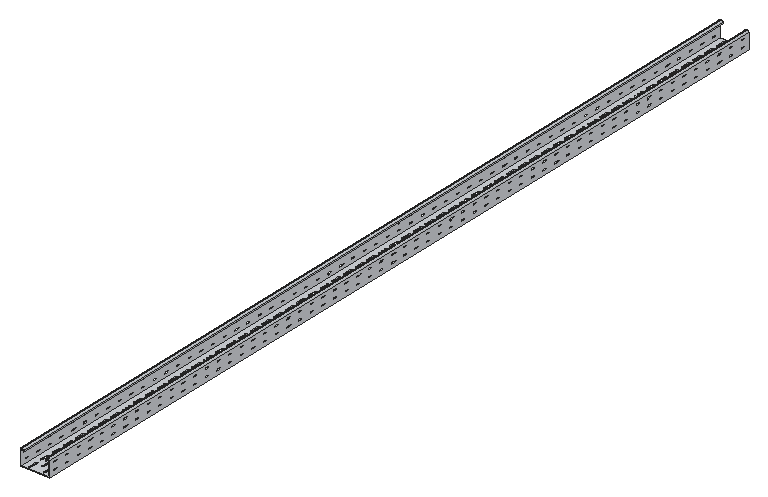
Revit family "Kabelrinne_610_FT_FS_A2_A4_FTSO", category Generic Models, Revit 2017 (continued)
Automatic sketch dimensions
  Extrusion 157 sketch curve to Extrusion 157 sketch curve = 13 mm
  Extrusion 158 sketch curve to Extrusion 158 sketch curve = 13 mm
  Extrusion 159 sketch curve to Extrusion 159 sketch curve = 13 mm
  Extrusion 160 sketch curve to Extrusion 160 sketch curve = 13 mm
  Extrusion 161 sketch curve to Extrusion 161 sketch curve = 13 mm
  Extrusion 162 sketch curve to Extrusion 162 sketch curve = 13 mm
  Extrusion 163 sketch curve to Extrusion 163 sketch curve = 13 mm
  Extrusion 164 sketch curve to Extrusion 164 sketch curve = 13 mm
  Extrusion 165 sketch curve to Extrusion 165 sketch curve = 13 mm
  Extrusion 166 sketch curve to Extrusion 166 sketch curve = 13 mm
  Extrusion 167 sketch curve to Extrusion 167 sketch curve = 13 mm
  Extrusion 168 sketch curve to Extrusion 168 sketch curve = 13 mm
  Extrusion 169 sketch curve to Extrusion 169 sketch curve = 13 mm
  Extrusion 170 sketch curve to Extrusion 170 sketch curve = 13 mm
  Extrusion 171 sketch curve to Extrusion 171 sketch curve = 13 mm
  Extrusion 172 sketch curve to Extrusion 172 sketch curve = 13 mm
  Extrusion 173 sketch curve to Extrusion 173 sketch curve = 13 mm
  Extrusion 174 sketch curve to Extrusion 174 sketch curve = 13 mm
  Extrusion 175 sketch curve to Extrusion 175 sketch curve = 13 mm
  Extrusion 176 sketch curve to Extrusion 176 sketch curve = 13 mm
  Extrusion 177 sketch curve to Extrusion 177 sketch curve = 13 mm
  Extrusion 178 sketch curve to Extrusion 178 sketch curve = 13 mm
  Extrusion 179 sketch curve to Extrusion 179 sketch curve = 13 mm
  Extrusion 180 sketch curve to Extrusion 180 sketch curve = 13 mm
  Extrusion 181 sketch curve to Extrusion 181 sketch curve = 13 mm
  Extrusion 182 sketch curve to Extrusion 182 sketch curve = 13 mm
  Extrusion 183 sketch curve to Extrusion 183 sketch curve = 13 mm
  Extrusion 184 sketch curve to Extrusion 184 sketch curve = 13 mm
  Extrusion 185 sketch curve to Extrusion 185 sketch curve = 13 mm
  Extrusion 186 sketch curve to Extrusion 186 sketch curve = 13 mm
  Extrusion 187 sketch curve to Extrusion 187 sketch curve = 13 mm
  Extrusion 188 sketch curve to Extrusion 188 sketch curve = 13 mm
  Extrusion 189 sketch curve to Extrusion 189 sketch curve = 13 mm
  Extrusion 190 sketch curve to Extrusion 190 sketch curve = 13 mm
  Extrusion 191 sketch curve to Extrusion 191 sketch curve = 13 mm
  Extrusion 192 sketch curve to Extrusion 192 sketch curve = 13 mm
  Extrusion 193 sketch curve to Extrusion 193 sketch curve = 13 mm
  Extrusion 194 sketch curve to Extrusion 194 sketch curve = 13 mm
  Extrusion 195 sketch curve to Extrusion 195 sketch curve = 13 mm
  Extrusion 196 sketch curve to Extrusion 196 sketch curve = 13 mm
  Extrusion 197 sketch curve to Extrusion 197 sketch curve = 13 mm
  Extrusion 198 sketch curve to Extrusion 198 sketch curve = 13 mm
  Extrusion 199 sketch curve to Extrusion 199 sketch curve = 13 mm
  Extrusion 200 sketch curve to Extrusion 200 sketch curve = 13 mm
  Extrusion 201 sketch curve to Extrusion 201 sketch curve = 13 mm
  Extrusion 202 sketch curve to Extrusion 202 sketch curve = 13 mm
  Extrusion 203 sketch curve to Extrusion 203 sketch curve = 13 mm
  Extrusion 204 sketch curve to Extrusion 204 sketch curve = 13 mm
  Extrusion 205 sketch curve to Extrusion 205 sketch curve = 13 mm
  Extrusion 206 sketch curve to Extrusion 206 sketch curve = 13 mm
  Extrusion 207 sketch curve to Extrusion 207 sketch curve = 13 mm
  Extrusion 208 sketch curve to Extrusion 208 sketch curve = 13 mm
  Extrusion 209 sketch curve to Extrusion 209 sketch curve = 13 mm
  Extrusion 210 sketch curve to Extrusion 210 sketch curve = 13 mm
  Extrusion 211 sketch curve to Extrusion 211 sketch curve = 13 mm
  Extrusion 212 sketch curve to Extrusion 212 sketch curve = 13 mm
  Extrusion 213 sketch curve to Extrusion 213 sketch curve = 13 mm
  Extrusion 214 sketch curve to Extrusion 214 sketch curve = 13 mm
  Extrusion 215 sketch curve to Extrusion 215 sketch curve = 13 mm
  Extrusion 216 sketch curve to Extrusion 216 sketch curve = 13 mm
  Extrusion 217 sketch curve to Extrusion 217 sketch curve = 13 mm
  Extrusion 218 sketch curve to Extrusion 218 sketch curve = 13 mm
  Extrusion 219 sketch curve to Extrusion 219 sketch curve = 13 mm
  Extrusion 220 sketch curve to Extrusion 220 sketch curve = 13 mm
  Extrusion 221 sketch curve to Extrusion 221 sketch curve = 13 mm
  Extrusion 222 sketch curve to Extrusion 222 sketch curve = 13 mm
  Extrusion 223 sketch curve to Extrusion 223 sketch curve = 13 mm
  Extrusion 224 sketch curve to Extrusion 224 sketch curve = 13 mm
  Extrusion 225 sketch curve to Extrusion 225 sketch curve = 13 mm
  Extrusion 226 sketch curve to Extrusion 226 sketch curve = 13 mm
  Extrusion 227 sketch curve to Extrusion 227 sketch curve = 13 mm
  Extrusion 228 sketch curve to Extrusion 228 sketch curve = 13 mm
  Extrusion 229 sketch curve to Extrusion 229 sketch curve = 13 mm
  Extrusion 230 sketch curve to Extrusion 230 sketch curve = 13 mm
  Extrusion 231 sketch curve to Extrusion 231 sketch curve = 13 mm
  Extrusion 232 sketch curve to Extrusion 232 sketch curve = 13 mm
  Extrusion 233 sketch curve to Extrusion 233 sketch curve = 13 mm
  Extrusion 234 sketch curve to Extrusion 234 sketch curve = 13 mm
  Extrusion 235 sketch curve to Extrusion 235 sketch curve = 13 mm
  Extrusion 236 sketch curve to Extrusion 236 sketch curve = 13 mm
  Extrusion 237 sketch curve to Extrusion 237 sketch curve = 13 mm
  Extrusion 238 sketch curve to Extrusion 238 sketch curve = 13 mm
  Extrusion 239 sketch curve to Extrusion 239 sketch curve = 13 mm
  Extrusion 240 sketch curve to Extrusion 240 sketch curve = 13 mm
  Extrusion 241 sketch curve to Extrusion 241 sketch curve = 13 mm
  Extrusion 242 sketch curve to Extrusion 242 sketch curve = 13 mm
  Extrusion 243 sketch curve to Extrusion 243 sketch curve = 13 mm
  Extrusion 244 sketch curve to Extrusion 244 sketch curve = 13 mm
  Extrusion 245 sketch curve to Extrusion 245 sketch curve = 13 mm
  Extrusion 246 sketch curve to Extrusion 246 sketch curve = 25 mm
  Extrusion 247 sketch curve to Extrusion 247 sketch curve = 25 mm
  Extrusion 248 sketch curve to Extrusion 248 sketch curve = 25 mm
  Extrusion 249 sketch curve to Extrusion 249 sketch curve = 25 mm
  Extrusion 250 sketch curve to Extrusion 250 sketch curve = 25 mm
  Extrusion 251 sketch curve to Extrusion 251 sketch curve = 25 mm
  Extrusion 252 sketch curve to Extrusion 252 sketch curve = 25 mm
  Extrusion 253 sketch curve to Extrusion 253 sketch curve = 25 mm
  Extrusion 254 sketch curve to Extrusion 254 sketch curve = 25 mm
  Extrusion 255 sketch curve to Extrusion 255 sketch curve = 25 mm
  Extrusion 256 sketch curve to Extrusion 256 sketch curve = 25 mm
  Extrusion 257 sketch curve to Extrusion 257 sketch curve = 25 mm
  Extrusion 258 sketch curve to Extrusion 258 sketch curve = 25 mm
  Extrusion 259 sketch curve to Extrusion 259 sketch curve = 25 mm
  Extrusion 260 sketch curve to Extrusion 260 sketch curve = 25 mm
  Extrusion 261 sketch curve to Extrusion 261 sketch curve = 25 mm
  Extrusion 262 sketch curve to Extrusion 262 sketch curve = 25 mm
  Extrusion 263 sketch curve to Extrusion 263 sketch curve = 25 mm
  Extrusion 264 sketch curve to Extrusion 264 sketch curve = 25 mm
  Extrusion 265 sketch curve to Extrusion 265 sketch curve = 25 mm
  Extrusion 266 sketch curve to Extrusion 266 sketch curve = 25 mm
  Extrusion 267 sketch curve to Extrusion 267 sketch curve = 25 mm
  Extrusion 268 sketch curve to Extrusion 268 sketch curve = 25 mm
  Extrusion 269 sketch curve to Extrusion 269 sketch curve = 25 mm
  Extrusion 270 sketch curve to Extrusion 270 sketch curve = 25 mm
  Extrusion 271 sketch curve to Extrusion 271 sketch curve = 25 mm
  Extrusion 272 sketch curve to Extrusion 272 sketch curve = 25 mm
  Extrusion 273 sketch curve to Extrusion 273 sketch curve = 25 mm
  Extrusion 274 sketch curve to Extrusion 274 sketch curve = 25 mm
  Extrusion 275 sketch curve to Extrusion 275 sketch curve = 25 mm
  Extrusion 276 sketch curve to Extrusion 276 sketch curve = 25 mm
  Extrusion 277 sketch curve to Extrusion 277 sketch curve = 25 mm
  Extrusion 278 sketch curve to Extrusion 278 sketch curve = 25 mm
  Extrusion 279 sketch curve to Extrusion 279 sketch curve = 25 mm
  Extrusion 280 sketch curve to Extrusion 280 sketch curve = 25 mm
  Extrusion 281 sketch curve to Extrusion 281 sketch curve = 25 mm
  Extrusion 282 sketch curve to Extrusion 282 sketch curve = 25 mm
  Extrusion 283 sketch curve to Extrusion 283 sketch curve = 25 mm
  Extrusion 284 sketch curve to Extrusion 284 sketch curve = 25 mm
  Extrusion 285 sketch curve to Extrusion 285 sketch curve = 25 mm
  Extrusion 286 sketch curve to Extrusion 286 sketch curve = 25 mm
  Extrusion 287 sketch curve to Extrusion 287 sketch curve = 25 mm
  Extrusion 288 sketch curve to Extrusion 288 sketch curve = 25 mm
  Extrusion 289 sketch curve to Extrusion 289 sketch curve = 25 mm
  Extrusion 290 sketch curve to Extrusion 290 sketch curve = 25 mm
  Extrusion 291 sketch curve to Extrusion 291 sketch curve = 25 mm
  Extrusion 292 sketch curve to Extrusion 292 sketch curve = 25 mm
  Extrusion 293 sketch curve to Extrusion 293 sketch curve = 25 mm
  Extrusion 294 sketch curve to Extrusion 294 sketch curve = 25 mm
  Extrusion 295 sketch curve to Extrusion 295 sketch curve = 25 mm
  Extrusion 296 sketch curve to Extrusion 296 sketch curve = 25 mm
  Extrusion 297 sketch curve to Extrusion 297 sketch curve = 25 mm
  Extrusion 298 sketch curve to Extrusion 298 sketch curve = 25 mm
  Extrusion 299 sketch curve to Extrusion 299 sketch curve = 25 mm
  Extrusion 300 sketch curve to Extrusion 300 sketch curve = 25 mm
  Extrusion 301 sketch curve to Extrusion 301 sketch curve = 25 mm
  Extrusion 302 sketch curve to Extrusion 302 sketch curve = 25 mm
  Extrusion 303 sketch curve to Extrusion 303 sketch curve = 25 mm
  Extrusion 304 sketch curve to Extrusion 304 sketch curve = 25 mm
  Extrusion 309 sketch curve to Extrusion 309 sketch curve = 25 mm
  Extrusion 305 sketch curve to Extrusion 305 sketch curve = 25 mm
  Extrusion 306 sketch curve to Extrusion 306 sketch curve = 25 mm
  Extrusion 307 sketch curve to Extrusion 307 sketch curve = 25 mm
  Extrusion 308 sketch curve to Extrusion 308 sketch curve = 25 mm
  Extrusion 310 sketch curve to Extrusion 310 sketch curve = 25 mm
  Extrusion 311 sketch curve to Extrusion 311 sketch curve = 25 mm
  Extrusion 312 sketch curve to Extrusion 312 sketch curve = 25 mm
  Extrusion 313 sketch curve to Extrusion 313 sketch curve = 25 mm
  Extrusion 314 sketch curve to Extrusion 314 sketch curve = 25 mm
  Extrusion 315 sketch curve to Extrusion 315 sketch curve = 25 mm
  Extrusion 316 sketch curve to Extrusion 316 sketch curve = 25 mm
  Extrusion 317 sketch curve to Extrusion 317 sketch curve = 25 mm
  Extrusion 318 sketch curve to Extrusion 318 sketch curve = 25 mm
  Extrusion 319 sketch curve to Extrusion 319 sketch curve = 25 mm
  Extrusion 320 sketch curve to Extrusion 320 sketch curve = 25 mm
  Extrusion 321 sketch curve to Extrusion 321 sketch curve = 25 mm
  Extrusion 322 sketch curve to Extrusion 322 sketch curve = 25 mm
  Extrusion 323 sketch curve to Extrusion 323 sketch curve = 25 mm
  Extrusion 324 sketch curve to Extrusion 324 sketch curve = 25 mm
  Extrusion 325 sketch curve to Extrusion 325 sketch curve = 25 mm
  Extrusion 326 sketch curve to Extrusion 326 sketch curve = 25 mm
  Extrusion 327 sketch curve to Extrusion 327 sketch curve = 25 mm
  Extrusion 328 sketch curve to Extrusion 328 sketch curve = 25 mm
  Extrusion 329 sketch curve to Extrusion 329 sketch curve = 25 mm
  Extrusion 330 sketch curve to Extrusion 330 sketch curve = 25 mm
  Extrusion 331 sketch curve to Extrusion 331 sketch curve = 25 mm
  Extrusion 332 sketch curve to Extrusion 332 sketch curve = 25 mm
  Extrusion 333 sketch curve to Extrusion 333 sketch curve = 25 mm
  Extrusion 334 sketch curve to Extrusion 334 sketch curve = 25 mm
  Extrusion 335 sketch curve to Extrusion 335 sketch curve = 25 mm
  Extrusion 336 sketch curve to Extrusion 336 sketch curve = 25 mm
  Extrusion 337 sketch curve to Extrusion 337 sketch curve = 25 mm
  Extrusion 338 sketch curve to Extrusion 338 sketch curve = 25 mm
  Extrusion 339 sketch curve to Extrusion 339 sketch curve = 25 mm
  Extrusion 340 sketch curve to Extrusion 340 sketch curve = 25 mm
  Extrusion 341 sketch curve to Extrusion 341 sketch curve = 25 mm
  Extrusion 342 sketch curve to Extrusion 342 sketch curve = 25 mm
  Extrusion 343 sketch curve to Extrusion 343 sketch curve = 25 mm
  Extrusion 344 sketch curve to Extrusion 344 sketch curve = 25 mm
  Extrusion 345 sketch curve to Extrusion 345 sketch curve = 25 mm
  Extrusion 346 sketch curve to Extrusion 346 sketch curve = 25 mm
  Extrusion 347 sketch curve to Extrusion 347 sketch curve = 25 mm
  Extrusion 348 sketch curve to Extrusion 348 sketch curve = 25 mm
  Extrusion 349 sketch curve to Extrusion 349 sketch curve = 25 mm
  Extrusion 350 sketch curve to Extrusion 350 sketch curve = 25 mm
  Extrusion 351 sketch curve to Extrusion 351 sketch curve = 25 mm
  Extrusion 352 sketch curve to Extrusion 352 sketch curve = 25 mm
  Extrusion 353 sketch curve to Extrusion 353 sketch curve = 25 mm
  Extrusion 354 sketch curve to Extrusion 354 sketch curve = 25 mm
  Extrusion 355 sketch curve to Extrusion 355 sketch curve = 25 mm
  Extrusion 356 sketch curve to Extrusion 356 sketch curve = 25 mm
  Extrusion 357 sketch curve to Extrusion 357 sketch curve = 25 mm
  Extrusion 358 sketch curve to Extrusion 358 sketch curve = 25 mm
  Extrusion 359 sketch curve to Extrusion 359 sketch curve = 25 mm
  Extrusion 360 sketch curve to Extrusion 360 sketch curve = 25 mm
  Extrusion 361 sketch curve to Extrusion 361 sketch curve = 25 mm
  Extrusion 362 sketch curve to Extrusion 362 sketch curve = 25 mm
  Extrusion 363 sketch curve to Extrusion 363 sketch curve = 25 mm
  Extrusion 364 sketch curve to Extrusion 364 sketch curve = 25 mm
  Extrusion 365 sketch curve to Extrusion 365 sketch curve = 25 mm
  Extrusion 366 sketch curve to Extrusion 366 sketch curve = 25 mm
  Extrusion 367 sketch curve to Extrusion 367 sketch curve = 25 mm
  Extrusion 368 sketch curve to Extrusion 368 sketch curve = 25 mm
  Extrusion 369 sketch curve to Extrusion 369 sketch curve = 25 mm
  Extrusion 370 sketch curve to Extrusion 370 sketch curve = 25 mm
  Extrusion 371 sketch curve to Extrusion 371 sketch curve = 25 mm
  Extrusion 372 sketch curve to Extrusion 372 sketch curve = 25 mm
  Extrusion 373 sketch curve to Extrusion 373 sketch curve = 25 mm
  Extrusion 374 sketch curve to Extrusion 374 sketch curve = 25 mm
  Extrusion 375 sketch curve to Extrusion 375 sketch curve = 25 mm
  Extrusion 376 sketch curve to Extrusion 376 sketch curve = 25 mm
  Extrusion 377 sketch curve to Extrusion 377 sketch curve = 25 mm
  Extrusion 378 sketch curve to Extrusion 378 sketch curve = 25 mm
  Extrusion 379 sketch curve to Extrusion 379 sketch curve = 25 mm
  Extrusion 380 sketch curve to Extrusion 380 sketch curve = 25 mm
  Extrusion 381 sketch curve to Extrusion 381 sketch curve = 25 mm
  Extrusion 382 sketch curve to Extrusion 382 sketch curve = 25 mm
  Extrusion 383 sketch curve to Extrusion 383 sketch curve = 25 mm
  Extrusion 384 sketch curve to Extrusion 384 sketch curve = 25 mm
  Extrusion 385 sketch curve to Extrusion 385 sketch curve = 25 mm
  Extrusion 386 sketch curve to Extrusion 386 sketch curve = 25 mm
  Extrusion 387 sketch curve to Extrusion 387 sketch curve = 25 mm
  Extrusion 388 sketch curve to Extrusion 388 sketch curve = 25 mm
  Extrusion 389 sketch curve to Extrusion 389 sketch curve = 25 mm
  Extrusion 390 sketch curve to Extrusion 390 sketch curve = 25 mm
  Extrusion 391 sketch curve to Extrusion 391 sketch curve = 25 mm
  Extrusion 392 sketch curve to Extrusion 392 sketch curve = 25 mm
  Extrusion 393 sketch curve to Extrusion 393 sketch curve = 25 mm
  Extrusion 394 sketch curve to Extrusion 394 sketch curve = 25 mm
  Extrusion 395 sketch curve to Extrusion 395 sketch curve = 25 mm
  Extrusion 396 sketch curve to Extrusion 396 sketch curve = 25 mm
  Extrusion 397 sketch curve to Extrusion 397 sketch curve = 25 mm
  Extrusion 398 sketch curve to Extrusion 398 sketch curve = 25 mm
  Extrusion 399 sketch curve to Extrusion 399 sketch curve = 25 mm
  Extrusion 400 sketch curve to Extrusion 400 sketch curve = 25 mm
  Extrusion 401 sketch curve to Extrusion 401 sketch curve = 25 mm
  Extrusion 402 sketch curve to Extrusion 402 sketch curve = 25 mm
  Extrusion 403 sketch curve to Extrusion 403 sketch curve = 25 mm
  Extrusion 404 sketch curve to Extrusion 404 sketch curve = 25 mm
  Extrusion 405 sketch curve to Extrusion 405 sketch curve = 25 mm
  Extrusion 406 sketch curve to Extrusion 406 sketch curve = 25 mm
  Extrusion 407 sketch curve to Extrusion 407 sketch curve = 25 mm
  Extrusion 408 sketch curve to Extrusion 408 sketch curve = 25 mm
  Extrusion 409 sketch curve to Extrusion 409 sketch curve = 25 mm
  Extrusion 410 sketch curve to Extrusion 410 sketch curve = 25 mm
  Extrusion 411 sketch curve to Extrusion 411 sketch curve = 25 mm
  Extrusion 412 sketch curve to Extrusion 412 sketch curve = 25 mm
  Extrusion 413 sketch curve to Extrusion 413 sketch curve = 25 mm
  Extrusion 414 sketch curve to Extrusion 414 sketch curve = 25 mm
  Extrusion 415 sketch curve to Extrusion 415 sketch curve = 25 mm
  Extrusion 416 sketch curve to Extrusion 416 sketch curve = 25 mm
  Extrusion 417 sketch curve to Extrusion 417 sketch curve = 25 mm
  Extrusion 418 sketch curve to Extrusion 418 sketch curve = 25 mm
  Extrusion 419 sketch curve to Extrusion 419 sketch curve = 25 mm
  Extrusion 420 sketch curve to Extrusion 420 sketch curve = 25 mm
  Extrusion 421 sketch curve to Extrusion 421 sketch curve = 25 mm
  Extrusion 422 sketch curve to Extrusion 422 sketch curve = 25 mm
  Extrusion 423 sketch curve to Extrusion 423 sketch curve = 25 mm
  Extrusion 424 sketch curve to Extrusion 424 sketch curve = 25 mm
  Extrusion 425 sketch curve to Extrusion 425 sketch curve = 25 mm
  Extrusion 1 sketch curve to Extrusion 1 sketch curve = 0 mm  (x2)
Types (6, lengths in mm): name | Material | Manufacturer Art.No. | GTIN | Article Type
  (no name) | hot-dip galvanised | "7190125" | "4012196147137" | "SKS 610 FT SO"
  SKS 610 FT | hot-dip galvanised | "6056636" | "4012196389957" | "SKS 610 FT"
  SKS 610 FS | Strip-galvanised | "6056105" | "4012196060191" | "SKS 610 FS"
  SKS 610 A2 | Stainless steel | "6056735" | "4012196120550" | "SKS 610 A2"
  SKS 610 A4 | Stainless steel | "6056750" | "4012196050048" | "SKS 610 A4"
  SKS 610 FT SO | hot-dip galvanised | "7190125" | "4012196147137" | "SKS 610 FT SO"
